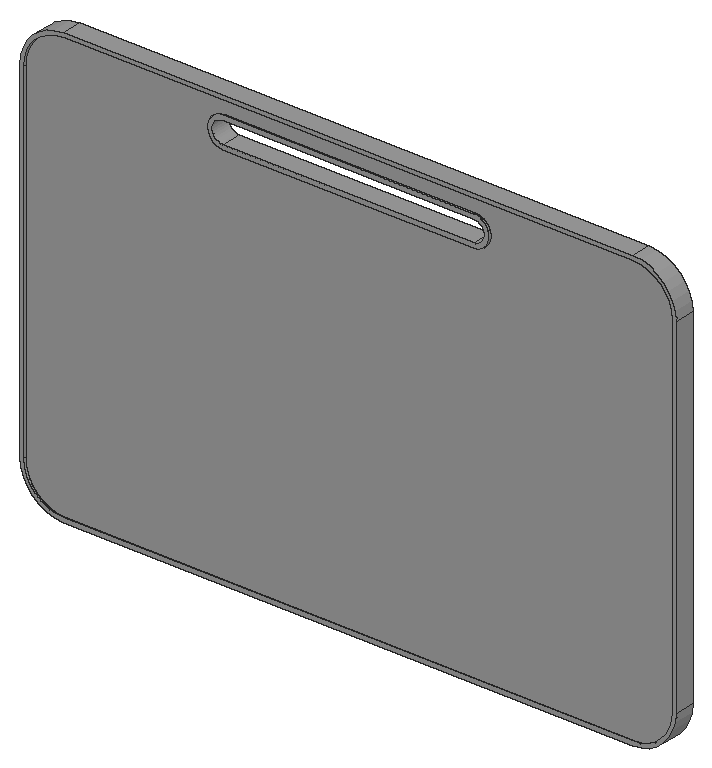
Revit family "92012", category Generic Models, Revit 2017
Family settings
  Can host rebar = No
  Round Connector Dimension = Use Diameter
  Part Type = Normal
  Work Plane-Based = No
  Always vertical = Yes
  Cut with Voids When Loaded = No
  Shared = No
  Room Calculation Point = No
Parameters
  Rubber Frame = Default
  Enamelled Steel = Default
Reference planes
  plane 1 "Center (Front/Back)": y = 0
  plane 2: z = 0
  plane 3 "Center (Left/Right)": x = 0
  plane 4: z = 805
  plane 5: x = -602.5
  plane 6: x = 602.5
  plane 7: y = 36.4
  plane 8: y = 33.2
  plane 9: y = 3.2
  plane 10: x = -258.5
  plane 11: x = -230
  plane 12: x = 258.5
  plane 13: x = 230
  plane 14: z = 772.5
  plane 15: z = 715.5
Forms (mm)
  Extrusion 1, solid, material "Default" <- "Rubber Frame"
    sketch origin (0, 0, 0) x (1, 0, 0) y (0, 0, 1)
      loop
        arc (-522.5, 805) -> (-579.069, 781.569) -> (-602.5, 725) r 80
        line (-602.5, 725) -> (-602.5, 80)
        arc (-602.5, 80) -> (-579.069, 23.431) -> (-522.5, 0) r 80
        line (-522.5, 0) -> (522.5, 0)
        arc (522.5, 0) -> (579.069, 23.431) -> (602.5, 80) r 80
        line (602.5, 80) -> (602.5, 725)
        arc (602.5, 725) -> (579.069, 781.569) -> (522.5, 805) r 80
        line (522.5, 805) -> (-522.5, 805)
      loop
        arc (-522.5, 798) -> (-574.119, 776.619) -> (-595.5, 725) r 73
        line (-595.5, 725) -> (-595.5, 80)
        arc (-595.5, 80) -> (-574.119, 28.381) -> (-522.5, 7) r 73
        line (-522.5, 7) -> (522.5, 7)
        arc (522.5, 7) -> (574.119, 28.381) -> (595.5, 80) r 73
        line (595.5, 80) -> (595.5, 725)
        arc (595.5, 725) -> (574.119, 776.619) -> (522.5, 798) r 73
        line (522.5, 798) -> (-522.5, 798)
    from -36.4 to 0
  Extrusion 2, solid, material "Default" <- "Enamelled Steel"
    sketch origin (0, 0, 0) x (1, 0, 0) y (0, 0, 1)
      loop
        line (-595.5, 725) -> (-595.5, 80)
        arc (-595.5, 80) -> (-574.119, 28.381) -> (-522.5, 7) r 73
        line (-522.5, 7) -> (522.5, 7)
        arc (522.5, 7) -> (574.119, 28.381) -> (595.5, 80) r 73
        line (595.5, 80) -> (595.5, 725)
        arc (595.5, 725) -> (574.119, 776.619) -> (522.5, 798) r 73
        line (522.5, 798) -> (-522.5, 798)
        arc (-522.5, 798) -> (-574.119, 776.619) -> (-595.5, 725) r 73
      loop
        arc (-230, 772.5) -> (-258.5, 744) -> (-230, 715.5) r 28.5
        line (-230, 715.5) -> (230, 715.5)
        arc (230, 715.5) -> (258.5, 744) -> (230, 772.5) r 28.5
        line (230, 772.5) -> (-230, 772.5)
    from -33.2 to -3.2
  Extrusion 3, solid, material "Default" <- "Rubber Frame"
    sketch origin (0, 0, 0) x (1, 0, 0) y (0, 0, 1)
      loop
        line (-230, 715.5) -> (230, 715.5)
        arc (230, 715.5) -> (258.5, 744) -> (230, 772.5) r 28.5
        line (230, 772.5) -> (-230, 772.5)
        arc (-230, 772.5) -> (-258.5, 744) -> (-230, 715.5) r 28.5
      loop
        line (230, 764) -> (-230, 764)
        arc (-230, 764) -> (-250, 744) -> (-230, 724) r 20
        line (-230, 724) -> (230, 724)
        arc (230, 724) -> (250, 744) -> (230, 764) r 20
    from -36.4 to 0
Dimensions and locks
  aligned and locked: level to plane 2
